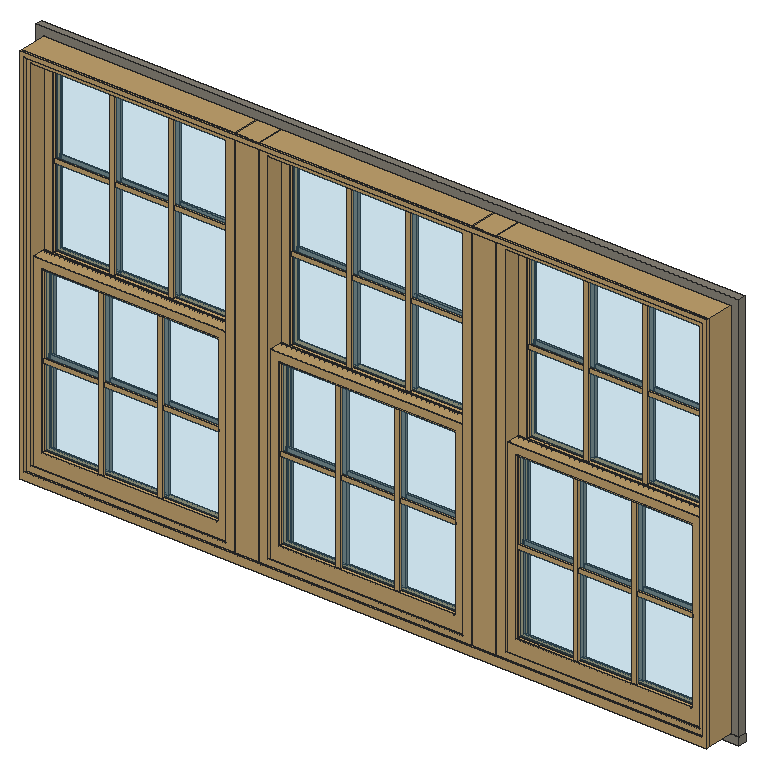
Revit family (continued)
Definition of nested family "Casing_Clad"
  Lines and regions (in)
    Masking region 7, visible <- "Subsill Visibility"
      outline origin (0, 0, 0) x (0, 1, 0) y (0, 0, 1)
        loop
          line (1.34375, -0.1875) -> (1.09401, -0.15265) -> (1.09401, 0) -> (0, 0) -> (0, -1.34375) -> (1.34375, -1.34375) -> (1.34375, -0.1875)
    symbolic lines, style "Frame/Mullion", visible <- "BMC Visibility", detail levels coarse+medium
      curve 1: line (-300.71589, 1.25, 0) -> (-301.3125, 1.25, 0)
      curve 2: line (-300.38081, 1.09375, 0) -> (-300.71589, 1.25, 0)
      curve 3: line (-300, 1.09375, 0) -> (-300.38081, 1.09375, 0)
      curve 4: line (-301.3125, 1.25, 0) -> (-301.3125, 0, 0)
      curve 9: line (301.3125, 0, 0) -> (301.3125, 1.25, 0)
      curve 10: line (301.3125, 1.25, 0) -> (300.71589, 1.25, 0)
      curve 11: line (300.71589, 1.25, 0) -> (300.38081, 1.09375, 0)
      curve 12: line (300.38081, 1.09375, 0) -> (300, 1.09375, 0)
      curve 19: line (0, 1.25, 145.3125) -> (0, 0, 145.3125)
      curve 20: line (0, 1.25, 144.71589) -> (0, 1.25, 145.3125)
      curve 21: line (0, 1.09375, 144.38081) -> (0, 1.25, 144.71589)
      curve 22: line (0, 1.09375, 144) -> (0, 1.09375, 144.38081)
    symbolic lines, style "Frame/Mullion", visible <- "Flat Casing Visibility", detail levels coarse+medium
      curve 5: line (-303, 1.09375, 0) -> (-303, 0, 0)
      curve 6: line (-300, 1.09375, 0) -> (-303, 1.09375, 0)
      curve 7: line (303, 0, 0) -> (303, 1.09375, 0)
      curve 8: line (303, 1.09375, 0) -> (300, 1.09375, 0)
      curve 17: line (0, 1.09375, 147) -> (0, 0, 147)
      curve 18: line (0, 1.09375, 144) -> (0, 1.09375, 147)
    symbolic lines, style "Frame/Mullion", visible <- "Subsill Visibility", detail levels coarse+medium
      curve 13: line (0, 1.09401, -0.15265) -> (0, 1.09401, 0)
      curve 14: line (0, 1.34375, -0.1875) -> (0, 1.09401, -0.15265)
      curve 15: line (0, 1.34375, -1.34375) -> (0, 1.34375, -0.1875)
      curve 16: line (0, 0, -1.34375) -> (0, 1.34375, -1.34375)
  Dimensions and locks (in)
    "Width": plane 6 to plane 5
    equal spacing: plane 6, plane 3 "Center (Left/Right)", plane 5
    "Height": plane 4 to plane 2
    "Casing Offset": level to plane 8 "Offset S"
    "Subsill Height": level to plane 7 "Subsill"
    locked: Sweep 3 sketch curve to Sweep 3 sketch curve at 1.34375
    locked: Sweep 3 sketch curve to profile plane at 0.1875
    "Subsill Offset": plane 5 to Sweep 3 sketch curve
    "Subsill Offset": Sweep 3 sketch curve to plane 6
    locked: curve 17 to plane 4 at 3
    locked: curve 18 to plane 1 "Center (Front/Back)" at 1.09375
    locked: curve 19 to plane 4 at 1.3125
    curve 21 to curve 22 to plane 4 = 0' - 0.33508" locked, 0' - 0.38081" locked
    locked: curve 20 to plane 1 "Center (Front/Back)" at 1.25
    aligned and locked: plane 4 to Sweep 1 sketch curve
    aligned and locked: plane 5 to Sweep 1 sketch curve
    aligned and locked: plane 4 to Sweep 2 sketch curve
    aligned and locked: plane 5 to Sweep 2 sketch curve
    aligned and locked: Masking region 1 sketch curve to Sweep 1
    aligned and locked: plane 1 "Center (Front/Back)" to Masking region 1 sketch curve
    aligned and locked: Sweep 2 to Masking region 1 sketch curve
    aligned and locked: Masking region 1 sketch curve to Sweep 2
    aligned and locked: Masking region 2 sketch curve to Sweep 2  (x3)
    aligned and locked: Sweep 2 to Masking region 2 sketch curve
    aligned and locked: Masking region 3 sketch curve to Sweep 2
    aligned and locked: Masking region 3 sketch curve to Sweep 1  (x4)
    aligned and locked: Sweep 1 to Masking region 3 sketch curve
    aligned and locked: Masking region 4 sketch curve to Sweep 2
    aligned and locked: Masking region 4 sketch curve to Sweep 1  (x5)
    aligned and locked: Masking region 5 sketch curve to Sweep 2  (x2)
    aligned and locked: Sweep 1 to Masking region 5 sketch curve
    aligned and locked: Masking region 5 sketch curve to Sweep 1
    aligned and locked: Masking region 6 sketch curve to Sweep 1  (x6)
    aligned and locked: Masking region 2 to curve 8
    aligned and locked: Masking region 3 to curve 10
    aligned and locked: Masking region 3 to curve 12
    aligned and locked: Sweep 2 sketch curve to plane 6
    aligned and locked: Sweep 1 sketch curve to plane 6
    aligned and locked: curve 5 to Sweep 2
    aligned and locked: curve 4 to Sweep 1
    aligned and locked: Sweep 1 to curve 1
    aligned and locked: curve 2 to Sweep 1
    aligned and locked: Sweep 1 to curve 3
    aligned and locked: curve 7 to Sweep 2
    aligned and locked: curve 9 to Sweep 1
    aligned and locked: curve 11 to Sweep 1
    aligned and locked: Sweep 1 sketch curve to plane 8 "Offset S"
    aligned and locked: plane 8 "Offset S" to Sweep 1 sketch curve
    aligned and locked: Sweep 3 sketch curve to plane 2
    aligned and locked: plane 7 "Subsill" to Sweep 3 sketch curve
    aligned and locked: plane 2 to Sweep 2 sketch curve
    aligned and locked: Sweep 2 sketch curve to plane 2
    aligned and locked: Masking region 7 sketch curve to Sweep 3  (x5)
    aligned and locked: Masking region 7 sketch curve to Sweep 2
    aligned and locked: curve 13 to Sweep 3
    aligned and locked: curve 14 to Sweep 3
    aligned and locked: curve 15 to Sweep 3
    aligned and locked: curve 16 to Sweep 3
    aligned and locked: Masking region 6 to curve 22
  Automatic sketch dimensions
    curve 4 to plane 1 "Center (Front/Back)" = 0' - 0"
    curve 5 to plane 1 "Center (Front/Back)" = 0' - 0"
    curve 7 to plane 1 "Center (Front/Back)" = 0' - 0"
    curve 9 to plane 1 "Center (Front/Back)" = 0' - 0"
    plane 5 to curve 6 = 0' - 0"
    curve 12 to plane 6 = 0' - 0"
    Sweep 3 sketch curve to Sweep 3 sketch curve = 0' - 0.03485"
    Sweep 3 sketch curve to Sweep 3 sketch curve = 0' - 0.15265"
    Sweep 3 sketch curve to plane 1 "Center (Front/Back)" = 0' - 1 11/32"
    Sweep 3 sketch curve to Sweep 3 sketch curve = 0' - 0.24974"
    curve 13 to level = 0' - 0"
    curve 16 to plane 1 "Center (Front/Back)" = 0' - 0"
    curve 17 to plane 1 "Center (Front/Back)" = 0' - 0"
    curve 19 to plane 1 "Center (Front/Back)" = 0' - 0"
    plane 4 to curve 22 = 0' - 0"
    curve 18 to curve 22 = 0' - 0"
Definition of nested family "Label Annotation 1-16 w3"
  Parameters (values of type "Label Annotation 1-16 w3")
    Mulled Units = 3
    Egress Info = "EGRESS WDW"
    Description = "3648 CSMT"
  Reference planes (in)
    plane 1: y = 0
    plane 2: x = 0
  Text (in)
    label "Mulled Units X Description Egress Info" at (0.00375, -0.00345, 0), shows "Mulled Units", "Description", "Egress Info"
Definition of nested family "Plan_Detail"
  Parameters (values of type "Double_Hung_Plan_Detail")
    Width = 2' - 11 3/8"
    Casing Visibility = yes
    Assembly Code = ""
  Reference planes (in)
    plane 1 "Center (Front/Back)": y = 0
    plane 2: z = 0
    plane 3 "Center (Left/Right)": x = 0
    plane 4: x = -17.6875
    plane 5: x = 17.6875
  Lines and regions (in)
    detail lines, style "Cut Lines", in view "Ref. Level"
      curve 1: line (-15.0625, -0.60938, 0) -> (15.0625, -0.60938, 0)
      curve 2: line (-15.0625, -1.48438, 0) -> (15.0625, -1.48438, 0)
      curve 3: line (-15.0625, -0.73438, 0) -> (15.0625, -0.73438, 0)
      curve 4: line (-15.0625, -1.35937, 0) -> (15.0625, -1.35937, 0)
      curve 5: line (-15.0625, -2.85938, 0) -> (15.0625, -2.85938, 0)
      curve 6: line (-15.0625, -3.73438, 0) -> (15.0625, -3.73438, 0)
      curve 7: line (-15.0625, -2.98438, 0) -> (15.0625, -2.98438, 0)
      curve 8: line (-15.0625, -3.60937, 0) -> (15.0625, -3.60937, 0)
    detail lines, style "DetailComponentsHiddenLines", in view "Ref. Level"
      curve 9: line (-15.99964, 0.601, 0) -> (15.99964, 0.601, 0)
  Dimensions and locks (in)
    equal spacing: plane 4, plane 3 "Center (Left/Right)", plane 5
    "Width": plane 4 to plane 5
    aligned and locked: plane 5 to nested 1
    aligned and locked: nested 1 to plane 1 "Center (Front/Back)"
    aligned and locked: nested 2 to plane 4
    aligned and locked: plane 1 "Center (Front/Back)" to nested 2
    aligned and locked: nested 2 to curve 1
    aligned and locked: curve 1 to nested 2
    aligned and locked: curve 2 to nested 2  (x2)
    aligned and locked: curve 3 to nested 2
    aligned and locked: curve 4 to nested 2
    aligned and locked: nested 2 to curve 3
    aligned and locked: nested 1 to curve 3
    aligned and locked: nested 1 to curve 4
    aligned and locked: nested 2 to curve 4
    aligned and locked: nested 2 to curve 5
    aligned and locked: curve 5 to nested 2
    aligned and locked: curve 6 to nested 2  (x2)
    aligned and locked: curve 7 to nested 2
    aligned and locked: curve 8 to nested 2
    aligned and locked: nested 2 to curve 7
    aligned and locked: nested 1 to curve 7
    aligned and locked: nested 2 to curve 8
    aligned and locked: nested 1 to curve 8
    aligned and locked: nested 2 to curve 9  (x2)
  Automatic sketch dimensions
    curve 5 to curve 7 = 0' - 0"
    curve 6 to curve 8 = 0' - 0"
    curve 2 to curve 4 = 0' - 0"
    curve 1 to curve 3 = 0' - 0"
    curve 1 to curve 9 = 0' - 0.93714"
  Nested families (in)
    nested 1: "Jamb" at (17.6875, 0, 0) x (-1, 0, 0) z (0, 0, 1), type "Jamb", in view "Ref. Level"
    nested 2: "Jamb" at (-17.6875, 0, 0), type "Jamb", in view "Ref. Level"
  Definition of nested family "Jamb"
    Parameters (values of type "Jamb")
      Flange Visibility = not(Casing)  # no
      Casing = yes
      Assembly Code = ""
    Reference planes (in)
      plane 1 "Center (Front/Back)": y = 0
      plane 2: z = 0
      plane 3 "Center (Left/Right)": x = 0
    Lines and regions (in)
      detail lines, style "Cut Lines", in view "Ref. Level"
        curve 1: line (0, -1.09375, 0) -> (0, 4.5625, 0)
        curve 2: line (1.5, 4.5625, 0) -> (0, 4.5625, 0)
        curve 3: line (1.5, 0.125, 0) -> (1.5, 4.5625, 0)
        curve 4: line (1.78125, 0.125, 0) -> (1.5, 0.125, 0)
        curve 5: line (1.78125, -0.21875, 0) -> (1.78125, 0.125, 0)
        curve 6: line (0.59375, -1.09375, 0) -> (0.66381, -0.625, 0)
        curve 7: line (0, -1.09375, 0) -> (0.59375, -1.09375, 0)
        curve 8: line (1.59375, 1.96875, 0) -> (1.59375, 0.21875, 0)
        curve 9: line (3.0625, 0.21875, 0) -> (1.59375, 0.21875, 0)
        curve 10: line (3.0625, 0.36988, 0) -> (3.0625, 0.21875, 0)
        curve 11: line (3.25, 0.52655, 0) -> (3.0625, 0.36988, 0)
        curve 12: line (2.5, 0.5625, 0) -> (3.25, 0.5625, 0)
        curve 13: line (2.5, 1.53125, 0) -> (2.5, 0.5625, 0)
        curve 14: line (3.25, 1.53125, 0) -> (2.5, 1.53125, 0)
        curve 15: line (3.25, 1.68282, 0) -> (3.25, 1.53125, 0)
        curve 16: line (3.03099, 1.96875, 0) -> (3.03099, 1.90183, 0)
        curve 17: line (1.59375, 1.96875, 0) -> (3.03099, 1.96875, 0)
        curve 18: line (3.25, 0.5625, 0) -> (3.25, 0.52655, 0)
        curve 19: line (3.03099, 1.90183, 0) -> (3.25, 1.68282, 0)
        curve 20: line (2.625, 1.48438, 0) -> (2.625, 0.60937, 0)
        curve 21: line (2.9375, 1.35937, 0) -> (2.9375, 0.73438, 0)
        curve 27: line (1.49386, -0.625, 0) -> (0.66381, -0.625, 0)
        curve 28: line (1.49386, -0.39825, 0) -> (1.49386, -0.625, 0)
        curve 29: line (1.61586, -0.39825, 0) -> (1.49386, -0.39825, 0)
        curve 30: line (1.68786, -0.35, 0) -> (1.68786, -0.601, 0)
        curve 31: line (1.61586, -0.601, 0) -> (1.61586, -0.39825, 0)
        curve 32: line (1.61586, -0.601, 0) -> (1.68786, -0.601, 0)
        curve 33: line (1.59786, -0.21875, 0) -> (1.59786, -0.35, 0)
        curve 34: line (1.59786, -0.35, 0) -> (1.68786, -0.35, 0)
        curve 35: line (0.9375, -0.625, 0) -> (0.9375, -0.21875, 0)
        curve 36: line (0.9375, -0.21875, 0) -> (1.78125, -0.21875, 0)
        curve 37: line (1.59375, 4.21875, 0) -> (1.59375, 2.46875, 0)
        curve 38: line (3.0625, 2.46875, 0) -> (1.59375, 2.46875, 0)
        curve 39: line (3.0625, 2.61988, 0) -> (3.0625, 2.46875, 0)
        curve 40: line (3.25, 2.77655, 0) -> (3.0625, 2.61988, 0)
        curve 41: line (2.5, 2.8125, 0) -> (3.25, 2.8125, 0)
        curve 42: line (2.5, 3.78125, 0) -> (2.5, 2.8125, 0)
        curve 43: line (3.25, 3.78125, 0) -> (2.5, 3.78125, 0)
        curve 44: line (3.25, 3.93282, 0) -> (3.25, 3.78125, 0)
        curve 45: line (3.03099, 4.21875, 0) -> (3.03099, 4.15183, 0)
        curve 46: line (1.59375, 4.21875, 0) -> (3.03099, 4.21875, 0)
        curve 47: line (3.25, 2.8125, 0) -> (3.25, 2.77655, 0)
        curve 48: line (3.03099, 4.15183, 0) -> (3.25, 3.93282, 0)
        curve 49: line (2.625, 3.73438, 0) -> (2.625, 2.85938, 0)
        curve 50: line (2.9375, 3.60937, 0) -> (2.9375, 2.98438, 0)
      detail lines, style "Cut Lines", in view "Ref. Level", visible <- "Flange Visibility"
        curve 22: line (-1.5, 0, 0) -> (-0.15, 0, 0)
        curve 23: line (0, -0.04501, 0) -> (-1.5, -0.04501, 0)
        curve 24: line (-1.5, -0.04501, 0) -> (-1.5, 0, 0)
        curve 25: line (-0.15, 0.10999, 0) -> (0, 0.10999, 0)
        curve 26: line (-0.15, 0, 0) -> (-0.15, 0.10999, 0)
Definition of nested family "Double_Hung_Section_Detail"
  Parameters (values of type "Double_Hung_Section_Detail")
    Subsill Visibility = yes
    Height = 5' - 3 1/2"
    Casing Visibility = yes
    Assembly Code = ""
  Reference planes (in)
    plane 1 "Center (Front/Back)": y = 0.8125
    plane 2: z = 0
    plane 3 "Center (Left/Right)": x = 0
    plane 4: y = 31.75
    plane 5: y = 28.53125
    plane 6: y = -31.75
    plane 7: y = -26.90625
  Lines and regions (in)
    detail lines, style "Cut Lines", in view "Ref. Level"
      curve 1: line (-1.48438, 1.15625, 0) -> (-1.48438, 29.15625, 0)
      curve 2: line (-0.60938, 1.15625, 0) -> (-0.60938, 29.15625, 0)
      curve 3: line (-1.35938, 1.15625, 0) -> (-1.35938, 29.15625, 0)
      curve 4: line (-0.73438, 1.15625, 0) -> (-0.73438, 29.15625, 0)
      curve 5: line (-3.73437, -27.53125, 0) -> (-3.73437, 0.46875, 0)
      curve 6: line (-2.85937, -27.53125, 0) -> (-2.85937, 0.46875, 0)
      curve 7: line (-3.60937, -27.53125, 0) -> (-3.60937, 0.46875, 0)
      curve 8: line (-2.98437, -27.53125, 0) -> (-2.98437, 0.46875, 0)
    detail lines, style "DetailComponentsHiddenLines", in view "Ref. Level"
      curve 9: line (0.601, -30.21839, 0) -> (0.601, 30.06214, 0)
  Dimensions and locks (in)
    plane 4 to plane 5 = 0' - 3 7/32"
    plane 6 to plane 7 = 0' - 4 27/32"
    "Height": plane 4 to plane 6
    equal spacing: plane 5, plane 1 "Center (Front/Back)", plane 7
    aligned and locked: plane 3 "Center (Left/Right)" to nested 1
    aligned and locked: nested 1 to plane 6
    aligned and locked: plane 3 "Center (Left/Right)" to nested 2
    aligned and locked: plane 4 to nested 2
    aligned and locked: nested 3 to plane 1 "Center (Front/Back)"
    aligned and locked: plane 3 "Center (Left/Right)" to nested 3
    aligned and locked: curve 1 to nested 3  (x2)
    aligned and locked: nested 3 to curve 2
    aligned and locked: curve 2 to nested 3
    aligned and locked: curve 3 to nested 3
    aligned and locked: nested 2 to curve 3
    aligned and locked: nested 3 to curve 3
    aligned and locked: curve 4 to nested 3
    aligned and locked: nested 2 to curve 4
    aligned and locked: nested 3 to curve 4
    aligned and locked: curve 5 to nested 1  (x2)
    aligned and locked: nested 1 to curve 6
    aligned and locked: curve 6 to nested 1
    aligned and locked: curve 7 to nested 1
    aligned and locked: curve 8 to nested 1
    aligned and locked: nested 3 to curve 7
    aligned and locked: nested 1 to curve 7
    aligned and locked: nested 1 to curve 8
    aligned and locked: nested 3 to curve 8
    aligned and locked: nested 1 to curve 9  (x2)
  Automatic sketch dimensions
    curve 4 to curve 2 = 0' - 0 1/8"
    curve 5 to curve 7 = 0' - 0"
    curve 6 to curve 8 = 0' - 0"
    curve 2 to curve 4 = 0' - 0"
    curve 1 to curve 3 = 0' - 0"
    curve 2 to curve 9 = 0' - 0.90589"
  Nested families (in)
    nested 1: "Sill" at (0, -31.75, 0) x (-1, 0, 0) z (0, 0, 1), type "Sill", in view "Ref. Level"
    nested 2: "Head" at (0, 31.75, 0) x (-1, 0, 0) z (0, 0, 1), type "Head", in view "Ref. Level"
    nested 3: "Checkrail" at (0, 0.8125, 0) x (-1, 0, 0) z (0, 0, 1), type "Checkrail", in view "Ref. Level"
  Definition of nested family "Sill"
    Parameters (values of type "Jamb")
      Flange Visibility = not(Casing)  # no
      Casing = yes
      Assembly Code = ""
    Reference planes (in)
      plane 1 "Center (Front/Back)": y = 0
      plane 2: z = 0
      plane 3 "Center (Left/Right)": x = 0
    Lines and regions (in)
      detail lines, style "Cut Lines", in view "Ref. Level"
        curve 1: line (-1.09375, 0, 0) -> (4.5625, 0, 0)
        curve 2: line (4.5625, 2.22769, 0) -> (4.5625, 0, 0)
        curve 3: line (3.3125, 1.6875, 0) -> (4.3125, 1.6875, 0)
        curve 4: line (-1.09375, 0.59375, 0) -> (-0.23437, 0.72218, 0)
        curve 5: line (-1.09375, 0, 0) -> (-1.09375, 0.59375, 0)
        curve 6: line (-0.625, 1.33761, 0) -> (-0.625, 0.78125, 0)
        curve 7: line (-0.39825, 1.33761, 0) -> (-0.625, 1.33761, 0)
        curve 8: line (-0.39825, 1.45961, 0) -> (-0.39825, 1.33761, 0)
        curve 9: line (-0.35, 1.53161, 0) -> (-0.601, 1.53161, 0)
        curve 10: line (-0.601, 1.45961, 0) -> (-0.39825, 1.45961, 0)
        curve 11: line (-0.601, 1.45961, 0) -> (-0.601, 1.53161, 0)
        curve 12: line (-0.25, 1.44161, 0) -> (-0.35, 1.44161, 0)
        curve 13: line (-0.35, 1.44161, 0) -> (-0.35, 1.53161, 0)
        curve 14: line (-0.625, 0.78125, 0) -> (-0.25, 0.78125, 0)
        curve 15: line (-0.25, 0.78125, 0) -> (-0.25, 1.44161, 0)
        curve 16: line (4.21875, 1.90625, 0) -> (2.71875, 1.90625, 0)
        curve 17: line (2.46875, 4.65625, 0) -> (2.46875, 1.55765, 0)
        curve 18: line (2.61988, 4.65625, 0) -> (2.46875, 4.65625, 0)
        curve 19: line (2.77655, 4.84375, 0) -> (2.61988, 4.65625, 0)
        curve 20: line (2.8125, 4.09375, 0) -> (2.8125, 4.84375, 0)
        curve 21: line (3.78125, 4.09375, 0) -> (2.8125, 4.09375, 0)
        curve 22: line (3.78125, 4.84375, 0) -> (3.78125, 4.09375, 0)
        curve 23: line (3.93282, 4.84375, 0) -> (3.78125, 4.84375, 0)
        curve 24: line (4.21875, 4.62474, 0) -> (4.15183, 4.62474, 0)
        curve 25: line (4.21875, 1.90625, 0) -> (4.21875, 4.62474, 0)
        curve 26: line (2.8125, 4.84375, 0) -> (2.77655, 4.84375, 0)
        curve 27: line (4.15183, 4.62474, 0) -> (3.93282, 4.84375, 0)
        curve 28: line (3.73438, 4.21875, 0) -> (2.85938, 4.21875, 0)
        curve 29: line (3.60938, 4.53125, 0) -> (2.98438, 4.53125, 0)
        curve 35: line (4.5625, 2.22769, 0) -> (4.3125, 2.22769, 0)
        curve 36: line (4.3125, 2.22769, 0) -> (4.3125, 1.6875, 0)
        curve 37: line (3.3125, 1.6875, 0) -> (-0.23437, 0.80316, 0)
        curve 38: line (-0.23437, 0.80316, 0) -> (-0.23437, 0.72218, 0)
        curve 39: line (2.46875, 1.55765, 0) -> (2.71875, 1.61998, 0)
        curve 40: line (2.71875, 1.90625, 0) -> (2.71875, 1.61998, 0)
      detail lines, style "Cut Lines", in view "Ref. Level", visible <- "Flange Visibility"
        curve 30: line (-0.04501, -1.25, 0) -> (-0.04501, -0.04688, 0)
        curve 31: line (0, 0, 0) -> (0, -1.25, 0)
        curve 32: line (0, -1.25, 0) -> (-0.04501, -1.25, 0)
        curve 33: line (-0.28125, -0.04688, 0) -> (-0.28125, 0, 0)
        curve 34: line (-0.04501, -0.04688, 0) -> (-0.28125, -0.04688, 0)
  Definition of nested family "Head"
    Parameters (values of type "Head")
      Flange Visibility = not(Casing)  # no
      Casing = yes
      Assembly Code = ""
    Reference planes (in)
      plane 1 "Center (Front/Back)": y = 0
      plane 2: z = 0
      plane 3 "Center (Left/Right)": x = 0
    Lines and regions (in)
      detail lines, style "Cut Lines", in view "Ref. Level"
        curve 1: line (-1.09375, 0, 0) -> (4.5625, 0, 0)
        curve 2: line (4.5625, -0.68686, 0) -> (4.5625, 0, 0)
        curve 3: line (2.06079, -1.5, 0) -> (2.68579, -1.5, 0)
        curve 4: line (0.125, -1.78125, 0) -> (0.125, -1.375, 0)
        curve 5: line (-0.21875, -1.78125, 0) -> (0.125, -1.78125, 0)
        curve 6: line (-1.09375, -0.59375, 0) -> (-0.625, -0.66381, 0)
        curve 7: line (-1.09375, 0, 0) -> (-1.09375, -0.59375, 0)
        curve 8: line (0.75049, -1.5625, 0) -> (0.21875, -1.5625, 0)
        curve 9: line (0.21875, -3.03125, 0) -> (0.21875, -1.5625, 0)
        curve 10: line (0.36988, -3.03125, 0) -> (0.21875, -3.03125, 0)
        curve 11: line (0.52655, -3.21875, 0) -> (0.36988, -3.03125, 0)
        curve 12: line (0.5625, -2.46875, 0) -> (0.5625, -3.21875, 0)
        curve 13: line (1.53125, -2.46875, 0) -> (0.5625, -2.46875, 0)
        curve 14: line (1.53125, -3.21875, 0) -> (1.53125, -2.46875, 0)
        curve 15: line (1.68282, -3.21875, 0) -> (1.53125, -3.21875, 0)
        curve 16: line (1.96875, -2.99974, 0) -> (1.90183, -2.99974, 0)
        curve 17: line (1.96875, -0.81212, 0) -> (1.96875, -2.99974, 0)
        curve 18: line (0.5625, -3.21875, 0) -> (0.52655, -3.21875, 0)
        curve 19: line (1.90183, -2.99974, 0) -> (1.68282, -3.21875, 0)
        curve 20: line (1.48438, -2.59375, 0) -> (0.60938, -2.59375, 0)
        curve 21: line (1.35938, -2.90625, 0) -> (0.73438, -2.90625, 0)
        curve 27: line (-0.625, -1.49386, 0) -> (-0.625, -0.66381, 0)
        curve 28: line (-0.39825, -1.49386, 0) -> (-0.625, -1.49386, 0)
        curve 29: line (-0.39825, -1.61586, 0) -> (-0.39825, -1.49386, 0)
        curve 30: line (-0.35, -1.68786, 0) -> (-0.601, -1.68786, 0)
        curve 31: line (-0.601, -1.61586, 0) -> (-0.39825, -1.61586, 0)
        curve 32: line (-0.601, -1.61586, 0) -> (-0.601, -1.68786, 0)
        curve 33: line (-0.21875, -1.59786, 0) -> (-0.35, -1.59786, 0)
        curve 34: line (-0.35, -1.59786, 0) -> (-0.35, -1.68786, 0)
        curve 35: line (-0.625, -0.9375, 0) -> (-0.21875, -0.9375, 0)
        curve 36: line (-0.21875, -0.9375, 0) -> (-0.21875, -1.78125, 0)
        curve 37: line (4.5625, -0.68686, 0) -> (2.68579, -0.68686, 0)
        curve 38: line (2.68579, -0.68686, 0) -> (2.68579, -1.5, 0)
        curve 39: line (2.06079, -0.68686, 0) -> (0.21875, -0.68686, 0)
        curve 40: line (2.06079, -0.68686, 0) -> (2.06079, -1.5, 0)
        curve 41: line (0.21875, -0.68686, 0) -> (0.21875, -1.1875, 0)
        curve 42: line (0.29688, -1.375, 0) -> (0.125, -1.375, 0)
        curve 43: line (1.96875, -0.81212, 0) -> (0.87453, -0.81212, 0)
        curve 44: line (0.87453, -0.81212, 0) -> (0.87453, -1.25087, 0)
        curve 45: line (0.87453, -1.25087, 0) -> (0.75049, -1.51688, 0)
        curve 46: line (0.75049, -1.51688, 0) -> (0.75049, -1.5625, 0)
        curve 47: line (0.29688, -1.1875, 0) -> (0.29688, -1.375, 0)
        curve 48: line (0.21875, -1.1875, 0) -> (0.29688, -1.1875, 0)
      detail lines, style "Cut Lines", in view "Ref. Level", visible <- "Flange Visibility"
        curve 22: line (0, 1.5, 0) -> (0, 0.15, 0)
        curve 23: line (-0.04501, 0, 0) -> (-0.04501, 1.5, 0)
        curve 24: line (-0.04501, 1.5, 0) -> (0, 1.5, 0)
        curve 25: line (0.10999, 0.15, 0) -> (0.10999, 0, 0)
        curve 26: line (0, 0.15, 0) -> (0.10999, 0.15, 0)
  Definition of nested family "Checkrail"
    Parameters (values of type "Jamb")
      Flange Visibility = not(Casing)  # no
      Casing = yes
      Assembly Code = ""
    Reference planes (in)
      plane 1 "Center (Front/Back)": y = 0
      plane 2: z = 0
      plane 3 "Center (Left/Right)": x = 0
    Lines and regions (in)
      detail lines, style "Cut Lines", in view "Ref. Level"
        curve 1: line (4.21875, 0.75, 0) -> (2.1875, 0.75, 0)
        curve 2: line (2.46875, -0.78125, 0) -> (2.46875, -0.34375, 0)
        curve 3: line (2.61988, -0.78125, 0) -> (2.46875, -0.78125, 0)
        curve 4: line (2.77655, -0.96875, 0) -> (2.61988, -0.78125, 0)
        curve 5: line (2.8125, -0.21875, 0) -> (2.8125, -0.96875, 0)
        curve 6: line (3.78125, -0.21875, 0) -> (2.8125, -0.21875, 0)
        curve 7: line (3.78125, -0.96875, 0) -> (3.78125, -0.21875, 0)
        curve 8: line (3.93282, -0.96875, 0) -> (3.78125, -0.96875, 0)
        curve 9: line (4.21875, -0.74974, 0) -> (4.15183, -0.74974, 0)
        curve 10: line (4.21875, 0.75, 0) -> (4.21875, -0.74974, 0)
        curve 11: line (2.8125, -0.96875, 0) -> (2.77655, -0.96875, 0)
        curve 12: line (4.15183, -0.74974, 0) -> (3.93282, -0.96875, 0)
        curve 13: line (3.73438, -0.34375, 0) -> (2.85938, -0.34375, 0)
        curve 14: line (3.60938, -0.65625, 0) -> (2.98438, -0.65625, 0)
        curve 15: line (2.35938, -0.78125, 0) -> (0.21875, -0.78125, 0)
        curve 16: line (0.21875, 0.78125, 0) -> (0.21875, -0.78125, 0)
        curve 17: line (0.36988, 0.78125, 0) -> (0.21875, 0.78125, 0)
        curve 18: line (0.52655, 0.96875, 0) -> (0.36988, 0.78125, 0)
        curve 19: line (0.5625, 0.21875, 0) -> (0.5625, 0.96875, 0)
        curve 20: line (1.53125, 0.21875, 0) -> (0.5625, 0.21875, 0)
        curve 21: line (1.53125, 0.96875, 0) -> (1.53125, 0.21875, 0)
        curve 22: line (1.68282, 0.96875, 0) -> (1.53125, 0.96875, 0)
        curve 23: line (2.09375, 0.74974, 0) -> (1.90183, 0.74974, 0)
        curve 24: line (2.09375, -0.73437, 0) -> (2.09375, 0.74974, 0)
        curve 25: line (0.5625, 0.96875, 0) -> (0.52655, 0.96875, 0)
        curve 26: line (1.90183, 0.74974, 0) -> (1.68282, 0.96875, 0)
        curve 27: line (1.48438, 0.34375, 0) -> (0.60938, 0.34375, 0)
        curve 28: line (1.35938, 0.65625, 0) -> (0.73438, 0.65625, 0)
        curve 29: line (2.1875, -0.62373, 0) -> (2.1875, 0.75, 0)
        curve 30: line (2.46875, -0.34375, 0) -> (2.23484, -0.34375, 0)
        curve 31: line (2.1875, -0.62373, 0) -> (2.23484, -0.62373, 0)
        curve 32: line (2.23484, -0.62373, 0) -> (2.23484, -0.34375, 0)
        curve 33: line (2.35938, -0.4375, 0) -> (2.35938, -0.78125, 0)
        curve 34: line (2.35938, -0.4375, 0) -> (2.31297, -0.4375, 0)
        curve 35: line (2.31297, -0.4375, 0) -> (2.31297, -0.73437, 0)
        curve 36: line (2.31297, -0.73437, 0) -> (2.09375, -0.73437, 0)
        curve 37: line (-0.53064, 0.34375, 0) -> (-0.24939, 0.34375, 0)
        curve 38: line (-0.53064, -0.40625, 0) -> (-0.53064, 0.34375, 0)
        curve 39: line (-0.24939, -0.40625, 0) -> (-0.53064, -0.40625, 0)
        curve 40: line (-0.24939, 0.34375, 0) -> (-0.24939, -0.40625, 0)
